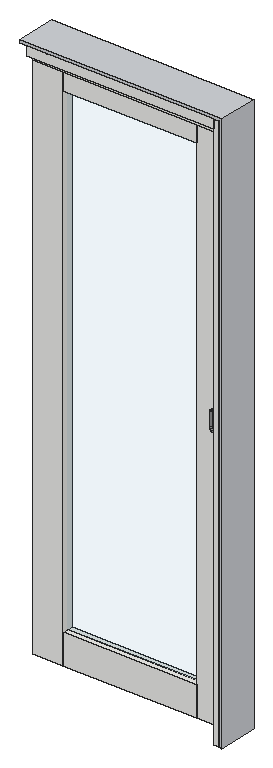
Revit family "Sliding_Door_Pocket", category Doors, host Wall, Revit 2026 (continued)
Definition of nested family "Unique_GW01L_sliding_door_panel"
  Forms (mm)
    Extrusion 6, void
      sketch origin (73.447, 0, -205.678) x (1, 0, 0) y (0, 0, 1)
        loop
          line (340.053, 1279.678) -> (338.053, 1279.678)
          arc (338.053, 1279.678) -> (330.982, 1276.749) -> (328.053, 1269.678) r 10
          line (328.053, 1269.678) -> (328.053, 1217.678)
          arc (328.053, 1217.678) -> (330.982, 1210.607) -> (338.053, 1207.678) r 10
          line (338.053, 1207.678) -> (340.053, 1207.678)
          arc (340.053, 1207.678) -> (347.124, 1210.607) -> (350.053, 1217.678) r 10
          line (350.053, 1217.678) -> (350.053, 1269.678)
          arc (350.053, 1269.678) -> (347.124, 1276.749) -> (340.053, 1279.678) r 10
      from 0 to 40
    Extrusion 7, void, not visible
      sketch origin (0, 0, 0) x (1, 0, 0) y (0, 0, 1)
        loop
          line (340.053, 1279.678) -> (338.053, 1279.678)
          arc (338.053, 1279.678) -> (330.982, 1276.749) -> (328.053, 1269.678) r 10
          line (328.053, 1269.678) -> (328.053, 1217.678)
          arc (328.053, 1217.678) -> (330.982, 1210.607) -> (338.053, 1207.678) r 10
          line (338.053, 1207.678) -> (340.053, 1207.678)
          arc (340.053, 1207.678) -> (347.124, 1210.607) -> (350.053, 1217.678) r 10
          line (350.053, 1217.678) -> (350.053, 1269.678)
          arc (350.053, 1269.678) -> (347.124, 1276.749) -> (340.053, 1279.678) r 10
      from 0 to 40
  Cuts and joins
    Extrusion 6 cuts Extrusion 2
  Lines and regions (mm)
    model lines
      curve 1: line (350.5, 0, 130) -> (350.5, 0, 18)
      curve 2: line (-350.5, 0, 130) -> (-350.5, 0, 18)
      curve 3: line (-350.5, 0, 2058) -> (-350.5, 0, 1946)
      curve 4: line (350.5, 0, 2058) -> (350.5, 0, 1946)
      curve 5: line (-350.5, 0, 2058) -> (-350.5, 0, 1946)
      curve 6: line (350.5, 0, 1946) -> (350.5, 0, 2058)
      curve 7: line (-350.5, 0, 130) -> (-350.5, 0, 18)
      curve 8: line (350.5, 0, 18) -> (350.5, 0, 130)
      curve 9: line (-350.5, 0, 2058) -> (-350.5, 0, 1946)
      curve 10: line (350.5, 0, 1946) -> (350.5, 0, 2058)
      curve 11: line (-350.5, 0, 2058) -> (-350.5, 0, 1946)
    reference lines
      curve 12: line (423.5, 0, 1038) -> (401.5, 0, 1038)
      curve 13: line (412.5, 0, 1074) -> (412.5, 0, 1002)
    reference lines, not visible
      curve 14: line (350.053, 0, 1243.678) -> (328.053, 0, 1243.678)
      curve 15: line (339.053, 0, 1279.678) -> (339.053, 0, 1207.678)
  Dimensions and locks
    equal spacing: plane 4, plane 3 "Center (Left/Right)", plane 5
    "Height": level to plane 6
    "Width": plane 4 to plane 5
    equal spacing: plane 8, plane 3 "Center (Left/Right)", plane 7
    "Door Panel Width": plane 8 to plane 7
    "Door Panel Height": plane 10 to plane 9
    locked: plane 9 to plane 6 at 31
    plane 10 to plane 9 = 2040 mm
    locked: plane 13 to plane 8 at 112
    locked: plane 14 to plane 7 at 112
    locked: plane 12 to plane 9 at 112
    locked: plane 15 to plane 10 at 112
    locked: plane 16 to plane 1 "Center (Front/Back)" at 40
    equal spacing: plane 10, plane 17, plane 9
    locked: plane 8 to plane 18 at 50
    radius of Extrusion 6 sketch curve = 10 mm
    radius of Extrusion 7 sketch curve = 10 mm
    aligned and locked: level to plane 2
    aligned and locked: Extrusion 1 sketch curve to plane 10
    aligned and locked: Extrusion 1 sketch curve to plane 7
    aligned and locked: plane 9 to Extrusion 1 sketch curve
    aligned and locked: plane 14 to Extrusion 1 sketch curve
    aligned and locked: plane 14 to Extrusion 1
    aligned and locked: plane 9 to Extrusion 2
    aligned and locked: plane 13 to Extrusion 2
    aligned and locked: plane 8 to Extrusion 2
    aligned and locked: Extrusion 2 to plane 10
    aligned and locked: plane 9 to Extrusion 3
    aligned and locked: Extrusion 3 to plane 12
    aligned and locked: Extrusion 3 to plane 14
    aligned and locked: Extrusion 3 to plane 13
    aligned and locked: Extrusion 4 to plane 10
    aligned and locked: Extrusion 4 to plane 14
    aligned and locked: plane 15 to Extrusion 4
    aligned and locked: Extrusion 4 to plane 13
    aligned and locked: plane 12 to Extrusion 5
    aligned and locked: Extrusion 5 to plane 13
    aligned and locked: Extrusion 5 to plane 14
    aligned and locked: Extrusion 5 to plane 15
    aligned and locked: Extrusion 6 to plane 1 "Center (Front/Back)"
    aligned and locked: Extrusion 1 to Extrusion 6
    aligned and locked: curve 13 to plane 18
    aligned and locked: curve 12 to plane 17
    aligned and locked: plane 1 "Center (Front/Back)" to nested 1
    aligned and locked: nested 2 to plane 16
    aligned and locked: nested 2 to plane 18
    aligned and locked: plane 18 to nested 1
    aligned and locked: plane 17 to nested 1
    aligned and locked: nested 2 to plane 17
  Automatic sketch dimensions
    curve 11 to plane 12 = 0 mm
    curve 11 to plane 14 = 0 mm
    curve 9 to plane 12 = 0 mm
    curve 9 to plane 14 = 0 mm
    curve 2 to plane 14 = 0 mm
    curve 3 to plane 9 = 0 mm
    curve 6 to plane 9 = 0 mm
    plane 13 to curve 6 = 0 mm
    curve 8 to plane 10 = 0 mm
    plane 13 to curve 8 = 0 mm
    curve 10 to plane 12 = 0 mm
    plane 13 to curve 10 = 0 mm
    curve 7 to plane 10 = 0 mm
    curve 2 to plane 15 = 0 mm
    curve 8 to plane 15 = 0 mm
    curve 5 to plane 12 = 0 mm
    curve 6 to plane 12 = 0 mm
    curve 9 to plane 9 = 0 mm
    curve 10 to plane 9 = 0 mm
    curve 11 to plane 9 = 0 mm
    Extrusion 2 sketch curve to plane 8 = 0 mm
    Extrusion 2 sketch curve to plane 10 = 0 mm
    plane 13 to Extrusion 2 sketch curve = 0 mm
    Extrusion 2 sketch curve to plane 9 = 0 mm
    Extrusion 3 sketch curve to plane 3 "Center (Left/Right)" = 350.5 mm
    plane 10 to Extrusion 3 sketch curve = 1928 mm
    plane 3 "Center (Left/Right)" to Extrusion 3 sketch curve = 350.5 mm
    Extrusion 3 sketch curve to plane 6 = 31 mm
    curve 3 to plane 14 = 0 mm
    plane 14 to Extrusion 4 sketch curve = 0 mm
    Extrusion 4 sketch curve to plane 8 = 112 mm
    Extrusion 4 sketch curve to plane 15 = 112 mm
    Extrusion 4 sketch curve to Extrusion 4 sketch curve = 112 mm
    plane 14 to Extrusion 5 sketch curve = 0 mm
    plane 13 to Extrusion 5 sketch curve = 0 mm
    plane 15 to Extrusion 5 sketch curve = 0 mm
    Extrusion 5 sketch curve to plane 12 = 0 mm
    Extrusion 6 sketch curve to Extrusion 6 sketch curve = 10 mm
    Extrusion 6 sketch curve to Extrusion 6 sketch curve = 2 mm  (x2)
    Extrusion 6 sketch curve to Extrusion 6 sketch curve = 0 mm
    Extrusion 6 sketch curve to Extrusion 6 sketch curve = 52 mm
    Extrusion 7 sketch curve to Extrusion 7 sketch curve = 10 mm
    Extrusion 7 sketch curve to Extrusion 7 sketch curve = 2 mm  (x2)
    Extrusion 7 sketch curve to Extrusion 7 sketch curve = 0 mm
    Extrusion 7 sketch curve to Extrusion 7 sketch curve = 52 mm
    curve 12 to curve 13 = 11 mm
    curve 12 to curve 12 = 22 mm
    curve 13 to curve 12 = 36 mm
    curve 12 to curve 13 = 36 mm
    curve 14 to curve 15 = 11 mm
    curve 14 to curve 14 = 22 mm
    curve 15 to curve 14 = 36 mm
    curve 14 to curve 15 = 36 mm
  Nested families
    nested 1: "sliding_door_handle" at (425, 2, 1000.5), type "sliding_door_handle"
    nested 2: "sliding_door_handle" at (425, -42, 1000.5), type "sliding_door_handle"
  Definition of nested family "sliding_door_handle"
    Parameters (values of type "sliding_door_handle")
      Handle Material = none
      Default Elevation = 0 mm
    Reference planes
      plane 1 "Center (Front/Back)": y = 0
      plane 2: z = 0
      plane 3 "Center (Left/Right)": x = 0
      plane 4: x = -12.5
      plane 5: z = 37.5
    Forms (mm)
      Extrusion 1, solid, material <- "Handle Material"
        sketch origin (0, 0, 0) x (1, 0, 0) y (0, 0, 1)
          loop
            arc (-12, 0) -> (-3.515, 3.515) -> (0, 12) r 12
            line (0, 12) -> (0, 63)
            arc (0, 63) -> (-3.515, 71.485) -> (-12, 75) r 12
            line (-12, 75) -> (-13, 75)
            arc (-13, 75) -> (-21.485, 71.485) -> (-25, 63) r 12
            line (-25, 63) -> (-25, 12)
            arc (-25, 12) -> (-21.485, 3.515) -> (-13, 0) r 12
            line (-13, 0) -> (-12, 0)
        from 0 to 2
      Extrusion 2, solid, material <- "Handle Material"
        sketch origin (0, 0, 0) x (1, 0, 0) y (0, 0, 1)
          loop
            line (-12, 74) -> (-13, 74)
            arc (-13, 74) -> (-20.778, 70.778) -> (-24, 63) r 11
            line (-24, 63) -> (-24, 12)
            arc (-24, 12) -> (-20.778, 4.222) -> (-13, 1) r 11
            line (-13, 1) -> (-12, 1)
            arc (-12, 1) -> (-4.222, 4.222) -> (-1, 12) r 11
            line (-1, 12) -> (-1, 63)
            arc (-1, 63) -> (-4.222, 70.778) -> (-12, 74) r 11
        from 0 to 10
      Extrusion 3, void
        sketch origin (0, 0, 0) x (1, 0, 0) y (0, 0, 1)
          loop
            line (-12, 73) -> (-13, 73)
            arc (-13, 73) -> (-20.071, 70.071) -> (-23, 63) r 10
            line (-23, 63) -> (-23, 12)
            arc (-23, 12) -> (-20.071, 4.929) -> (-13, 2) r 10
            line (-13, 2) -> (-12, 2)
            arc (-12, 2) -> (-4.929, 4.929) -> (-2, 12) r 10
            line (-2, 12) -> (-2, 63)
            arc (-2, 63) -> (-4.929, 70.071) -> (-12, 73) r 10
        from 0 to 9
    Cuts and joins
      Extrusion 3 cuts Extrusion 1
      Extrusion 3 cuts Extrusion 2
      joined: Extrusion 1, Extrusion 2
    Dimensions and locks
      locked: level to plane 5 at 37.5
      locked: plane 4 to plane 3 "Center (Left/Right)" at 12.5
      aligned and locked: level to plane 2
Types (7, lengths in mm): name | Rough Width | Width | Free Opening | Frame Width | Frame Depth | Door Panel Width
  1290 x 2100 - M7 x M21 | 1310 | 645 | 607 | 1290 | 0 | 625
  1490 x 2100 - M8 x M21 | 1510 | 745 | 707 | 1490 | 0 | 725
  1690 x 2100 - M9 x M21 | 1710 | 845 | 807 | 1690 | 0 | 825
  1890 x 2100 - M10 x M21 | 1910 | 945 | 907 | 1890 | 121 | 925
  2090 x 2100 - M11 x M21 | 2110 | 1045 | 1007 | 2090 | 0 | 1025
  2290 x 2100 - M12 x M21 | 2310 | 1145 | 1107 | 2290 | 0 | 1125
  2490 x 2100 - M13 x M21 | 2510 | 1245 | 1207 | 2490 | 0 | 1225
